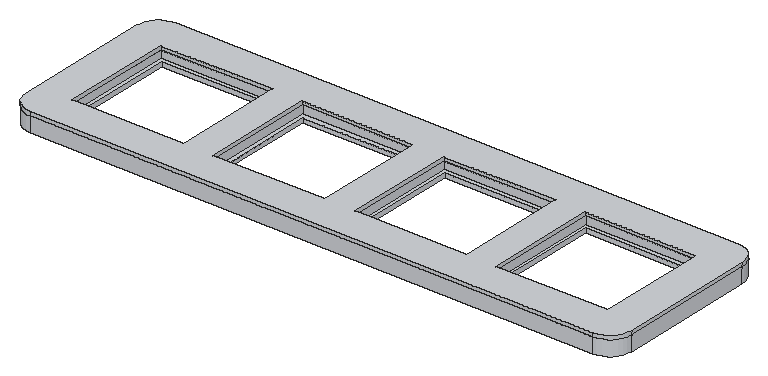
Revit family "Gira_0214426", category Electrical Fixtures, host Face, Revit 2017
Family settings
  Host = Face
  Maintain Annotation Orientation = No
  Round Connector Dimension = Use Diameter
  Part Type = Normal
  Cut with Voids When Loaded = No
  Shared = No
  Room Calculation Point = No
Parameters (values of type "Abdeckrahmen 4f Gira E3 Umbra/Anthrazit")
  Werkstoffgüte = "sonstige"
  Werkstoff = "sonstige"
  URL = "http://katalog.gira.de/de_DE/datenblatt.html?artikelnr=0214426"
  Transparent = "No"
  Textfeld/Beschriftungsfläche = "No"
  Schutzart (IP) = "IP20"
  Region = "DE"
  Oberfläche = "sonstige"
  Name = "Abdeckrahmen 4f Gira E3 Umbra/Anthrazit"
  Montagerichtung = "horizontal und vertikal"
  Mit Montagerahmen = "No"
  Mit Klappdeckel = "No"
  Manufacturer URL = "https://www.gira.de/"
  Keynote = "E3_Rahmen_4fach"
  HeinzeBIM = "https://bimportal.heinze.de/bim/abdeckrahmen-4f-gira-e3-umbra-anthrazit/eb6b29f3fae4ae104e239a4eb2b41f35ec0b656d"
  Halogenfrei = "No"
  HAN = "0214426"
  Geeignet für Unterputz-Installation = "Yes"
  Geeignet für Unterflurkanaldose = "No"
  Geeignet für Geräteeinbaukanal = "No"
  Geeignet für Einbauinstallation = "No"
  GTIN = "4010337024484"
  Farbe = "sonstige"
  Default Elevation = 1219.2 mm
  Data sheet (1) = "https://katalog.gira.de/de_DE/download.html?artikelnr=0214426"
  Category = "Abdeckrahmen"
  Befestigungsart = "Klemmbefestigung"
  Available = "Yes"
  Anzahl der Einheiten vertikal = "4 "
  Anzahl der Einheiten horizontal = "4 "
  Anzahl der Einheiten = "4 "
Reference planes
  plane 1 "Center (Front/Back)": y = 0
  plane 2: z = 0
  plane 3 "Center (Left/Right)": x = 0
Forms (mm)
  Extrusion 1, solid, detail levels fine
    sketch origin (0, 0, 0) x (1, 0, 0) y (0, 1, 0)
      loop
        arc (-141.75, 45.809) -> (-149.535, 42.585) -> (-152.759, 34.8) r 11.009
        line (-152.759, 34.8) -> (-152.759, -34.8)
        arc (-152.759, -34.8) -> (-149.535, -42.585) -> (-141.75, -45.809) r 11.009
        line (-141.75, -45.809) -> (141.75, -45.809)
        arc (141.75, -45.809) -> (149.535, -42.585) -> (152.759, -34.8) r 11.009
        line (152.759, -34.8) -> (152.759, 34.8)
        arc (152.759, 34.8) -> (149.535, 42.585) -> (141.75, 45.809) r 11.009
        line (141.75, 45.809) -> (-141.75, 45.809)
      loop
        line (-78.85, 28.187) -> (-135.106, 28.187) -> (-135.106, -28.187) -> (-78.85, -28.187) -> (-78.85, 28.187)
      loop
        line (-63.95, 28.187) -> (-63.95, -28.187) -> (-7.695, -28.187) -> (-7.695, 28.187) -> (-63.95, 28.187)
      loop
        line (78.85, 28.187) -> (78.85, -28.187) -> (135.106, -28.187) -> (135.106, 28.187) -> (78.85, 28.187)
      loop
        line (63.95, 28.187) -> (7.695, 28.187) -> (7.695, -28.187) -> (63.95, -28.187) -> (63.95, 28.187)
    from 7.65 to 9.5
  Extrusion 2, solid, detail levels fine
    sketch origin (-107.15, 0, 0) x (1, 0, 0) y (0, 1, 0)
      loop
        line (26.1, 25.7) -> (-25.7, 25.7) -> (-25.7, -25.7) -> (26.1, -25.7) -> (26.1, 25.7)
      loop
        line (-28.187, -28.156) -> (28.187, -28.156) -> (28.187, 28.156) -> (-28.187, 28.156) -> (-28.187, -28.156)
    from 1.65 to 3.9
  Extrusion 3, solid, detail levels fine
    sketch origin (0, 0, 0) x (1, 0, 0) y (0, 1, 0)
      loop
        arc (-141.75, 45.809) -> (-149.535, 42.585) -> (-152.759, 34.8) r 11.009
        line (-152.759, 34.8) -> (-152.759, -34.8)
        arc (-152.759, -34.8) -> (-149.535, -42.585) -> (-141.75, -45.809) r 11.009
        line (-141.75, -45.809) -> (141.75, -45.809)
        arc (141.75, -45.809) -> (149.535, -42.585) -> (152.759, -34.8) r 11.009
        line (152.759, -34.8) -> (152.759, 34.8)
        arc (152.759, 34.8) -> (149.535, 42.585) -> (141.75, 45.809) r 11.009
        line (141.75, 45.809) -> (-141.75, 45.809)
      loop
        line (-150.793, 34.785) -> (-150.793, -34.785)
        arc (-150.793, -34.785) -> (-148.14, -41.19) -> (-141.735, -43.843) r 9.058
        line (-141.735, -43.843) -> (141.735, -43.843)
        arc (141.735, -43.843) -> (148.14, -41.19) -> (150.793, -34.785) r 9.058
        line (150.793, -34.785) -> (150.793, 34.785)
        arc (150.793, 34.785) -> (148.14, 41.19) -> (141.735, 43.843) r 9.058
        line (141.735, 43.843) -> (-141.735, 43.843)
        arc (-141.735, 43.843) -> (-148.14, 41.19) -> (-150.793, 34.785) r 9.058
    from 0 to 7.65
  Extrusion 4, solid, detail levels fine
    sketch origin (-35.75, 0, 0) x (1, 0, 0) y (0, 1, 0)
      loop
        line (-98.606, -31.075) -> (170.105, -31.075)
        arc (170.105, -31.075) -> (172.749, -29.98) -> (173.844, -27.337) r 3.739
        line (173.844, -27.337) -> (173.844, 27.337)
        arc (173.844, 27.337) -> (172.749, 29.98) -> (170.105, 31.075) r 3.739
        line (170.105, 31.075) -> (-98.606, 31.075)
        arc (-98.606, 31.075) -> (-101.249, 29.98) -> (-102.344, 27.337) r 3.739
        line (-102.344, 27.337) -> (-102.344, -27.337)
        arc (-102.344, -27.337) -> (-101.249, -29.98) -> (-98.606, -31.075) r 3.739
      loop
        line (-101.194, 27.537) -> (-101.194, -27.537)
        arc (-101.194, -27.537) -> (-100.495, -29.226) -> (-98.806, -29.925) r 2.389
        line (-98.806, -29.925) -> (170.305, -29.925)
        arc (170.305, -29.925) -> (171.994, -29.226) -> (172.694, -27.537) r 2.389
        line (172.694, -27.537) -> (172.694, 27.537)
        arc (172.694, 27.537) -> (171.994, 29.226) -> (170.305, 29.925) r 2.389
        line (170.305, 29.925) -> (-98.806, 29.925)
        arc (-98.806, 29.925) -> (-100.495, 29.226) -> (-101.194, 27.537) r 2.389
    from 1.65 to 7.65
  Extrusion 5, solid, detail levels fine
    sketch origin (0, 0, 0) x (1, 0, 0) y (0, 1, 0)
      loop
        line (-139.017, -39.8) -> (139.017, -39.8)
        arc (139.017, -39.8) -> (144.632, -36.708) -> (146.864, -30.7) r 9.2
        line (146.864, -30.7) -> (146.864, 30.7)
        arc (146.864, 30.7) -> (144.17, 37.205) -> (137.664, 39.9) r 9.2
        line (137.664, 39.9) -> (-137.664, 39.9)
        arc (-137.664, 39.9) -> (-144.17, 37.205) -> (-146.864, 30.7) r 9.2
        line (-146.864, 30.7) -> (-146.864, -30.7)
        arc (-146.864, -30.7) -> (-144.632, -36.708) -> (-139.017, -39.8) r 9.2
      loop
        line (-137.664, -31.7) -> (137.664, -31.7)
        arc (137.664, -31.7) -> (138.372, -31.407) -> (138.664, -30.7) r 1
        line (138.664, -30.7) -> (138.664, 30.7)
        arc (138.664, 30.7) -> (138.372, 31.407) -> (137.664, 31.7) r 1
        line (137.664, 31.7) -> (-137.664, 31.7)
        arc (-137.664, 31.7) -> (-138.372, 31.407) -> (-138.664, 30.7) r 1
        line (-138.664, 30.7) -> (-138.664, -30.7)
        arc (-138.664, -30.7) -> (-138.372, -31.407) -> (-137.664, -31.7) r 1
    from 1.65 to 3.9
  Extrusion 6, solid, detail levels fine
    sketch origin (-107.15, 0, 0) x (1, 0, 0) y (0, 1, 0)
      loop
        line (-28.187, 28.156) -> (-28.187, -28.156) -> (28.187, -28.156) -> (28.187, 28.156) -> (-28.187, 28.156)
      loop
        line (-29.925, 29.925) -> (-29.925, -29.925) -> (29.925, -29.925) -> (29.925, 29.925) -> (-29.925, 29.925)
    from 1.65 to 7.65
  Extrusion 7, solid, detail levels coarse+medium
    sketch origin (0, 0, 0) x (1, 0, 0) y (0, 1, 0)
      loop
        line (-152.759, 45.809) -> (-152.759, -45.809) -> (152.759, -45.809) -> (152.759, 45.809) -> (-152.759, 45.809)
    from 0 to 9.5
  Extrusion 8, solid, detail levels fine
    sketch origin (-35.65, 0, 0) x (-1, 0, 0) y (0, -1, 0)
      loop
        line (25.9, -25.7) -> (25.9, 25.7) -> (-25.9, 25.7) -> (-25.9, -25.7) -> (25.9, -25.7)
      loop
        line (-28.187, 28.156) -> (-28.187, -28.156) -> (28.187, -28.156) -> (28.187, 28.156) -> (-28.187, 28.156)
    from 1.65 to 3.9
  Extrusion 9, solid, detail levels fine
    sketch origin (-35.65, 0, 0) x (-1, 0, 0) y (0, -1, 0)
      loop
        line (-28.187, -28.156) -> (28.187, -28.156) -> (28.187, 28.156) -> (-28.187, 28.156) -> (-28.187, -28.156)
      loop
        line (-29.925, -29.925) -> (29.925, -29.925) -> (29.925, 29.925) -> (-29.925, 29.925) -> (-29.925, -29.925)
    from 1.65 to 7.65
  Extrusion 10, solid, detail levels fine
    sketch origin (35.85, 0, 0) x (-1, 0, 0) y (0, -1, 0)
      loop
        line (26.1, -25.7) -> (26.1, 25.7) -> (-25.7, 25.7) -> (-25.7, -25.7) -> (26.1, -25.7)
      loop
        line (-28.187, 28.156) -> (-28.187, -28.156) -> (28.187, -28.156) -> (28.187, 28.156) -> (-28.187, 28.156)
    from 1.65 to 3.9
  Extrusion 11, solid, detail levels fine
    sketch origin (35.85, 0, 0) x (-1, 0, 0) y (0, -1, 0)
      loop
        line (-28.187, -28.156) -> (28.187, -28.156) -> (28.187, 28.156) -> (-28.187, 28.156) -> (-28.187, -28.156)
      loop
        line (-29.925, -29.925) -> (29.925, -29.925) -> (29.925, 29.925) -> (-29.925, 29.925) -> (-29.925, -29.925)
    from 1.65 to 7.65
  Extrusion 12, solid, detail levels fine
    sketch origin (107.15, 0, 0) x (-1, 0, 0) y (0, -1, 0)
      loop
        line (26.1, -25.7) -> (26.1, 25.7) -> (-25.7, 25.7) -> (-25.7, -25.7) -> (26.1, -25.7)
      loop
        line (-28.187, 28.156) -> (-28.187, -28.156) -> (28.187, -28.156) -> (28.187, 28.156) -> (-28.187, 28.156)
    from 1.65 to 3.9
  Extrusion 13, solid, detail levels fine
    sketch origin (107.15, 0, 0) x (-1, 0, 0) y (0, -1, 0)
      loop
        line (-28.187, -28.156) -> (28.187, -28.156) -> (28.187, 28.156) -> (-28.187, 28.156) -> (-28.187, -28.156)
      loop
        line (-29.925, -29.925) -> (29.925, -29.925) -> (29.925, 29.925) -> (-29.925, 29.925) -> (-29.925, -29.925)
    from 1.65 to 7.65
Dimensions and locks
  aligned and locked: plane 2 to host face
  aligned and locked: level to host face
